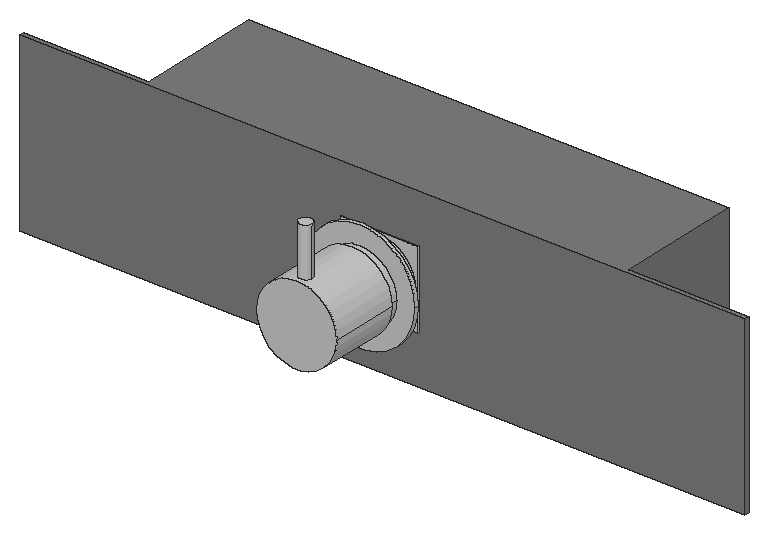
Revit family "2201", category Plumbing Fixtures, Revit 2021
Family settings
  Round Connector Dimension = Use Diameter
  Part Type = Normal
  Work Plane-Based = No
  Always vertical = Yes
  Cut with Voids When Loaded = No
  Shared = No
  Room Calculation Point = No
Parameters
  e-mail = "info@vola.com"
  URL = "http://vola.com"
  Telephone = "+45 7023 5500"
  Quality management standard = "ISO 9001"
  Organisation no. / DUNS no. = "17531328"
  Occupational health and safety management standard = "ISO 18001"
  Mounting Instructions = "http://vola.com/service/producturl.ashx?name=2201"
  Model = "2201"
  Mixer Offset [instance] = 12.00 mm
  Mixer = yes
  Materials and components information = "http://vola.com/service/producturl.ashx?name=2201"
  Manufacturer = "VOLA A/S"
  Maintenance Instructions = "http://vola.com/service/producturl.ashx?name=2201"
  Guarantee = "2 years"
  Flow = "25,00 l/min"
  Environmental management standard = "ISO 14000"
  Default Elevation = 0.00 mm
  Connection - All relevant connections = "½\" for water connection"
  Approvals = "http://vola.com/service/producturl.ashx?name=2201"
Reference planes
  plane 1 "Center (Front/Back)": y = 0
  plane 2: z = 0
  plane 3 "Center (Left/Right)": x = 0
  plane 4 "Mixer plane": y = 12
  plane 5 "Wall Surface": y = 0
Forms (mm)
  Extrusion 1, solid, material "Stainless Steel", visible <- "Mixer"
    sketch origin (-21, 11.3, 21) x (-1, 0, 0) y (0, 0, -1)
      loop
        circle (-21, 21) r 19.5
    from 0 to 11.3
Dimensions and locks
  "Mixer Offset": plane 4 "Mixer plane" to plane 1 "Center (Front/Back)"
  aligned and locked: plane 2 to level
  aligned and locked: plane 1 "Center (Front/Back)" to Extrusion 1
  aligned and locked: nested 1 to plane 4 "Mixer plane"
Automatic sketch dimensions
  Extrusion 1 sketch curve to nested 1 = 21.00 mm  (x2)
  radius of Extrusion 1 sketch curve = 19.50 mm
Nested families
  nested 1: "2200V" at (0, 82.5, -70), visible <- "Mixer", type "2200V"
  nested 2: "2001" at (0, 0, 0) x (1, 0, 0) z (0, -1, 0), type "2001"
  nested 3: "NR21" at (0, -2, 0), type "NR21"
Connectors
  piping at (-27, 57.5, -70), diameter 28
    settings: on nested 1, index 1, connector inside diameter 1.10236", connector length 0.00 mm, flow factor 0, pipe flow 0 GPM, pressure drop 0.00 psi, fitting loss kfactor 0, connector angle 0.00°, fixture units 0, engagement length 0.00 mm, angle of deflection 0.00°, flow configuration 0, flow direction 1, fitting loss method 0, system type 19, joint type 0, gender type 0, connector reference index -1, connector utility 0, adjustable connector no, is connector primary yes, connector description ""
  piping at (27, 57.5, -70), diameter 28
    settings: on nested 1, index 2, connector inside diameter 1.10236", connector length 0.00 mm, flow factor 0, pipe flow 0 GPM, pressure drop 0.00 psi, fitting loss kfactor 0, connector angle 0.00°, fixture units 0, engagement length 0.00 mm, angle of deflection 0.00°, flow configuration 0, flow direction 1, fitting loss method 0, system type 20, joint type 0, gender type 0, connector reference index -1, connector utility 0, adjustable connector no, is connector primary no, connector description ""
Definition of nested family "2200V"
  Parameters
    e-mail = "info@vola.com"
    URL = "http://vola.com"
    Telephone = "+45 7023 5500"
    Quality management standard = "ISO 9001"
    Organisation no. / DUNS no. = "17531328"
    Occupational health and safety management standard = "ISO 18001"
    Mounting Instructions = "http://vola.com/service/producturl.ashx?name=2200V"
    Model = "2200V"
    Materials and components information = "http://vola.com/service/producturl.ashx?name=2200V"
    Manufacturer = "VOLA A/S"
    Maintenance Instructions = "http://vola.com/service/producturl.ashx?name=2200V"
    Guarantee = "2 years"
    Flow = "25,00 l/min"
    Environmental management standard = "ISO 14000"
    Default Elevation = 0.00 mm
    Connection - All relevant connections = ""
    Approvals = "http://vola.com/service/producturl.ashx?name=2200V"
  Reference planes
    plane 1 "Center (Front/Back)": y = 0
    plane 2: z = 0
    plane 3 "Center (Left/Right)": x = 0
    plane 4 "Front Plane": y = -71.2
    plane 5 "Inlet Center Plane": y = -25
    plane 6: z = 70
  Forms (mm)
    Extrusion 1, solid
      sketch origin (1071.5, -2.5, 1) x (-1, 0, 0) y (0, 0, -1)
        loop
          line (1092.5, -90) -> (1092.5, -48) -> (1050.5, -48) -> (1050.5, -90) -> (1092.5, -90)
      from 68 to 68.7
    Extrusion 2, solid
      sketch origin (0, 0, 1) x (1, 0, 0) y (0, 1, 0)
        loop
          line (-127.5, 0) -> (-127.5, -68) -> (132.5, -68) -> (132.5, 0) -> (-127.5, 0)
      from 21.5 to 116.5
    Extrusion 3, solid
      sketch origin (0, 0, 22.5) x (0, 1, 0) y (1, 0, 0)
        loop
          circle (-25, 27) r 14
      from 0 to 22.5
    Extrusion 4, solid
      sketch origin (-54, 0, 22.5) x (0, 1, 0) y (1, 0, 0)
        loop
          circle (-25, 27) r 14
      from 0 to 22.5
    Extrusion 5, solid
      sketch origin (0, 0, 0) x (1, 0, 0) y (0, 1, 0)
        loop
          line (-195, -68) -> (-195, -70.5) -> (197.5, -70.5) -> (197.5, -68) -> (-195, -68)
      from 22.5 to 117.5
  Cuts and joins
    joined: Extrusion 2, Extrusion 5
  Lines and regions (mm)
    reference lines
      curve 1: line (0, -25, 70) -> (0, -122.5, 70)
      curve 2: line (-27, -25, 70) -> (-27, -25, -29)
      curve 3: line (27, -25, 70) -> (27, -25, -29)
      curve 4: line (0, -25.2, 70) -> (0, -25.2, 169)
  Dimensions and locks
    aligned and locked: plane 2 to level
    aligned and locked: plane 6 to curve 3
    aligned and locked: plane 6 to curve 2
    aligned and locked: Extrusion 2 to Extrusion 5
    aligned and locked: Extrusion 5 to Extrusion 2
Definition of nested family "2001"
  Parameters
    e-mail = "info@vola.com"
    URL = "http://vola.com"
    Telephone = "+45 7023 5500"
    Quality management standard = "ISO 9001"
    Organisation no. / DUNS no. = "17531328"
    Occupational health and safety management standard = "ISO 18001"
    Mounting Instructions = "http://vola.com/service/producturl.ashx?name=2001"
    Model = "2001"
    Materials and components information = "http://vola.com/service/producturl.ashx?name=2001"
    Manufacturer = "VOLA A/S"
    Maintenance Instructions = "http://vola.com/service/producturl.ashx?name=2001"
    Guarantee = "2 years"
    Environmental management standard = "ISO 14000"
    Default Elevation = 1219.20 mm
    Connection - All relevant connections = ""
    Approvals = "http://vola.com/service/producturl.ashx?name=2001"
  Reference planes
    plane 1 "Center (Front/Back)": y = 0
    plane 2: z = 0
    plane 3 "Center (Left/Right)": x = 0
  Forms (mm)
    Extrusion 1, solid
      sketch origin (0, 0, 0) x (1, 0, 0) y (0, 1, 0)
        loop
          circle (0, 0) r 19.5
        loop
          circle (0, 0) r 30
      from 0 to 2
  Dimensions and locks
    aligned and locked: plane 2 to level
Definition of nested family "NR21"
  Parameters
    e-mail = "info@vola.com"
    URL = "http://vola.com"
    Telephone = "+45 7023 5500"
    Quality management standard = "ISO 9001"
    Organisation no. / DUNS no. = "17531328"
    Occupational health and safety management standard = "ISO 18001"
    Mounting Instructions = "http://vola.com/service/producturl.ashx?name=NR21"
    Model = "NR21"
    Materials and components information = "http://vola.com/service/producturl.ashx?name=NR21"
    Manufacturer = "VOLA A/S"
    Maintenance Instructions = "http://vola.com/service/producturl.ashx?name=NR21"
    Guarantee = "2 years"
    Environmental management standard = "ISO 14000"
    Default Elevation = 0.00 mm
    Connection - All relevant connections = ""
    Approvals = "http://vola.com/service/producturl.ashx?name=NR21"
  Reference planes
    plane 1 "Center (Front/Back)": y = 0
    plane 2: z = 0
    plane 3 "Center (Left/Right)": x = 0
  Forms (mm)
    Extrusion 1, solid
      sketch origin (0, 0, 0) x (1, 0, 0) y (0, 0, 1)
        loop
          circle (0, 0) r 21.5
      from 5 to 42.5
    Extrusion 2, solid
      sketch origin (0, -2, 0) x (0, -1, 0) y (1, 0, 0)
        loop
          circle (34.5, 0) r 3.5
      from 0 to 47.5
    Extrusion 3, solid
      sketch origin (0, 0, 0) x (1, 0, 0) y (0, 0, 1)
        loop
          circle (0, 0) r 20
      from 0 to 5
  Cuts and joins
    joined: Extrusion 1, Extrusion 2
  Lines and regions (mm)
    model lines
      curve 1: line (-6.05, -42.5, 20.663) -> (-6.05, -42.5, -20.663)
      curve 2: line (6.05, -42.5, 20.663) -> (6.05, -42.5, -20.663)
  Dimensions and locks
    aligned and locked: plane 2 to level
